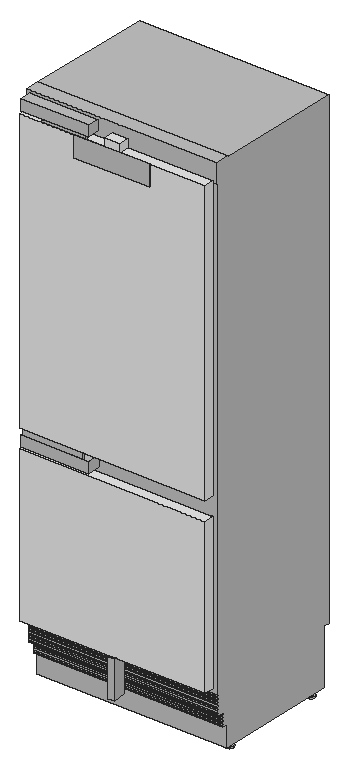
Revit family "FP_Revit_18_RS3084WLUK1_Fridge_90001082A", category Specialty Equipment, Revit 2018 (continued)
Definition of nested family "Handle Professional Round - Vertical"
  Automatic sketch dimensions
    Sweep 5 sketch curve to profile plane = 3 mm  (x2)
    Extrusion 6 sketch curve to plane 3 "Center (Left/Right)" = 0 mm
    Extrusion 6 sketch curve to plane 3 "Center (Left/Right)" = 18.5 mm
    plane 1 "Center (Front/Back)" to Extrusion 6 sketch curve = 41.7 mm
    Extrusion 6 sketch curve to Extrusion 6 sketch curve = 41.7 mm
    Extrusion 7 sketch curve to plane 3 "Center (Left/Right)" = 0 mm
    Extrusion 7 sketch curve to plane 3 "Center (Left/Right)" = 18.5 mm
    plane 1 "Center (Front/Back)" to Extrusion 7 sketch curve = 41.7 mm
    Extrusion 7 sketch curve to Extrusion 7 sketch curve = 41.7 mm
    radius of Extrusion 3 sketch curve = 12.7 mm
Definition of nested family "Handle Professional Round Flush - Vertical"
  Parameters (values of type "AHP3-RD84 - Professional round flush handle (Vertical) 677mm")
    URL = "www.fisherpaykel.com"
    Material - Handle = none
    Manufacturer = "Fisher & Paykel Appliances"
    Handle - Length = 677 mm
  Types (4): name
    (no name)
    AHP3RD2484W - Professional round flush handle (1 of 2) (Vertical) 677mm
    AHP3RD3084W - Professional round flush handle (1 of 2) (Vertical) 677mm
    AHP3-RD84 - Professional round flush handle (Vertical) 677mm
  Reference planes
    plane 1 "Center (Front/Back)": y = 0
    plane 2: z = 0
    plane 3 "Center (Left/Right)": x = 0
    plane 4 "Top": z = 338.5
    plane 5 "Bottom": z = -338.5
    plane 6 "Top Standoff": z = 303.5
    plane 7 "Bottom Standoff": z = -303.5
  Forms (mm)
    Extrusion 1, solid, material <- "Material - Handle", detail levels fine
      sketch origin (0, 0, 0) x (1, 0, 0) y (0, 1, 0)
        loop
          arc (-12.817, -46.665) -> (0, -58.016) -> (12.817, -46.665) r 12.912
          line (12.817, -46.665) -> (18.5, 0) -> (-18.5, 0) -> (-12.817, -46.665)
      from 303.5 to 338.5
    Extrusion 2, solid, material <- "Material - Handle", detail levels fine
      sketch origin (0, 0, 0) x (1, 0, 0) y (0, 1, 0)
        loop
          arc (-12.817, -46.665) -> (0, -58.016) -> (12.817, -46.665) r 12.912
          line (12.817, -46.665) -> (18.5, 0) -> (-18.5, 0) -> (-12.817, -46.665)
      from -338.5 to -303.5
    Extrusion 3, solid, material <- "Material - Handle"
      sketch origin (0, 0, 0) x (1, 0, 0) y (0, 1, 0)
        loop
          circle (0, -45.116) r 12.7
      from -303.5 to 303.5
    Sweep 4, void
      path in 3D
        loop
          line (18.5, 0, 338.5) -> (12.817, -46.665, 338.5)
          arc (12.817, -46.665, 338.5) -> (0, -58.016, 338.5) -> (-12.817, -46.665, 338.5) r 12.912
          line (-12.817, -46.665, 338.5) -> (-18.5, 0, 338.5)
      profile origin (0, -58.016, 338.5) x (0, -1, 0) y (0, 0, 1)
        loop
          line (0, 0) -> (-1.5, 0) -> (0, -1.5) -> (0, 0)
    Sweep 5, void
      path in 3D
        loop
          line (-18.5, 0, -338.5) -> (-12.817, -46.665, -338.5)
          arc (-12.817, -46.665, -338.5) -> (0, -58.016, -338.5) -> (12.817, -46.665, -338.5) r 12.912
          line (12.817, -46.665, -338.5) -> (18.5, 0, -338.5)
      profile origin (0, -58.016, -338.5) x (0, -1, 0) y (0, 0, -1)
        loop
          line (0, 0) -> (-1.5, 0) -> (0, -1.5) -> (0, 0)
    Extrusion 6, solid, material <- "Material - Handle", detail levels coarse+medium
      sketch origin (0, 0, 0) x (1, 0, 0) y (0, 1, 0)
        loop
          arc (-12.817, -46.665) -> (0, -58.016) -> (12.817, -46.665) r 12.912
          line (12.817, -46.665) -> (18.5, 0) -> (-18.5, 0) -> (-12.817, -46.665)
      from 303.5 to 338.5
    Extrusion 7, solid, material <- "Material - Handle", detail levels coarse+medium
      sketch origin (0, 0, 0) x (1, 0, 0) y (0, 1, 0)
        loop
          arc (-12.817, -46.665) -> (0, -58.016) -> (12.817, -46.665) r 12.912
          line (12.817, -46.665) -> (18.5, 0) -> (-18.5, 0) -> (-12.817, -46.665)
      from -338.5 to -303.5
  Cuts and joins
    Sweep 4 cuts Extrusion 1
    Sweep 5 cuts Extrusion 2
  Lines and regions (mm)
    sketch lines
      curve 1: arc (12.817, -46.665, 338.5) -> (0, -58.016, 338.5) -> (-12.817, -46.665, 338.5) r 12.912
      curve 2: line (12.817, -46.665, 338.5) -> (18.5, 0, 338.5)
      curve 3: line (-18.5, 0, 338.5) -> (-12.817, -46.665, 338.5)
      curve 4: arc (-12.817, -46.665, -338.5) -> (0, -58.016, -338.5) -> (12.817, -46.665, -338.5) r 12.912
      curve 5: line (18.5, 0, -338.5) -> (12.817, -46.665, -338.5)
      curve 6: line (-12.817, -46.665, -338.5) -> (-18.5, 0, -338.5)
  Dimensions and locks
    equal spacing: plane 4 "Top", level, plane 5 "Bottom"
    "Handle - Length": plane 4 "Top" to plane 5 "Bottom"
    aligned and locked: level to plane 2
    aligned and locked: plane 4 "Top" to Extrusion 1
    aligned and locked: Extrusion 1 to plane 6 "Top Standoff"
    aligned and locked: Extrusion 2 to plane 5 "Bottom"
    aligned and locked: plane 1 "Center (Front/Back)" to Extrusion 2 sketch curve
    aligned and locked: plane 6 "Top Standoff" to Extrusion 3
    aligned and locked: Extrusion 3 to plane 7 "Bottom Standoff"
  Automatic sketch dimensions
    plane 1 "Center (Front/Back)" to Extrusion 1 sketch curve = 0 mm
    Extrusion 1 sketch curve to plane 3 "Center (Left/Right)" = 0 mm
    Extrusion 1 sketch curve to plane 3 "Center (Left/Right)" = 12.817 mm
    Extrusion 1 sketch curve to plane 3 "Center (Left/Right)" = 18.5 mm
    plane 3 "Center (Left/Right)" to Extrusion 1 sketch curve = 12.817 mm
    plane 3 "Center (Left/Right)" to Extrusion 1 sketch curve = 18.5 mm
    plane 1 "Center (Front/Back)" to Extrusion 1 sketch curve = 45.104 mm
    Extrusion 1 sketch curve to Extrusion 1 sketch curve = 1.561 mm
    Extrusion 2 sketch curve to plane 3 "Center (Left/Right)" = 0 mm
    Extrusion 2 sketch curve to plane 3 "Center (Left/Right)" = 12.817 mm
    Extrusion 2 sketch curve to plane 3 "Center (Left/Right)" = 18.5 mm
    plane 3 "Center (Left/Right)" to Extrusion 2 sketch curve = 12.817 mm
    plane 3 "Center (Left/Right)" to Extrusion 2 sketch curve = 18.5 mm
    plane 1 "Center (Front/Back)" to Extrusion 2 sketch curve = 45.104 mm
    Extrusion 2 sketch curve to Extrusion 2 sketch curve = 1.561 mm
    Extrusion 3 sketch curve to plane 3 "Center (Left/Right)" = 0 mm
    plane 1 "Center (Front/Back)" to Extrusion 3 sketch curve = 45.116 mm
    Sweep 4 sketch curve to profile plane = 0 mm  (x2)
    profile plane to Sweep 4 sketch curve = 1.5 mm
    Sweep 4 sketch curve to profile plane = 1.5 mm
    profile plane to Sweep 5 sketch curve = 0 mm
    Sweep 5 sketch curve to profile plane = 0 mm
    profile plane to Sweep 5 sketch curve = 1.5 mm
    Sweep 5 sketch curve to profile plane = 1.5 mm
    Extrusion 6 sketch curve to plane 3 "Center (Left/Right)" = 0 mm
    Extrusion 6 sketch curve to plane 3 "Center (Left/Right)" = 12.817 mm
    Extrusion 6 sketch curve to plane 3 "Center (Left/Right)" = 18.5 mm
    plane 3 "Center (Left/Right)" to Extrusion 6 sketch curve = 12.817 mm
    plane 3 "Center (Left/Right)" to Extrusion 6 sketch curve = 18.5 mm
    plane 1 "Center (Front/Back)" to Extrusion 6 sketch curve = 46.665 mm
    Extrusion 6 sketch curve to Extrusion 6 sketch curve = 1.561 mm
    Extrusion 6 sketch curve to Extrusion 6 sketch curve = 46.665 mm
    Extrusion 7 sketch curve to plane 3 "Center (Left/Right)" = 0 mm
    Extrusion 7 sketch curve to plane 3 "Center (Left/Right)" = 12.817 mm
    Extrusion 7 sketch curve to plane 3 "Center (Left/Right)" = 18.5 mm
    plane 3 "Center (Left/Right)" to Extrusion 7 sketch curve = 12.817 mm
    plane 3 "Center (Left/Right)" to Extrusion 7 sketch curve = 18.5 mm
    plane 1 "Center (Front/Back)" to Extrusion 7 sketch curve = 46.665 mm
    Extrusion 7 sketch curve to Extrusion 7 sketch curve = 1.561 mm
    Extrusion 7 sketch curve to Extrusion 7 sketch curve = 46.665 mm
    radius of Extrusion 3 sketch curve = 12.7 mm
Definition of nested family "Handle Professional Square - Vertical"
  Parameters (values of type "AHV2RS3272A - Professional square handle (1 of 2) (Vertical) 727mm")
    URL = "www.fisherpaykel.com"
    Material - Handle = none
    Manufacturer = "Fisher & Paykel Appliances"
    Handle - Length = 727 mm
  Types (5, lengths in mm): name | Handle - Length
    (no name) | 727
    AHV2RD2484W - Professional square handle (1 of 2) (Vertical) 727mm | 727
    AHV2RD3084W - Professional square handle (1 of 2) (Vertical) 727mm | 727
    AHV2-RD84 - Professional square handle (Vertical) 792mm | 792
    AHV2RS3272A - Professional square handle (1 of 2) (Vertical) 727mm | 727
  Reference planes
    plane 1 "Center (Front/Back)": y = 0
    plane 2: z = 0
    plane 3 "Center (Left/Right)": x = 0
    plane 4 "Top": z = 363.5
    plane 5 "Bottom": z = -363.5
    plane 6 "Top Standoff": z = 313.5
    plane 7 "Bottom Standoff": z = -313.5
  Forms (mm)
    Extrusion 1, solid, material <- "Material - Handle", detail levels fine
      sketch origin (0, 0, 0) x (0, 1, 0) y (0, 0, 1)
        loop
          line (0, 363.5) -> (-40, 363.5)
          arc (-40, 363.5) -> (-47.071, 360.571) -> (-50, 353.5) r 10
          line (-50, 353.5) -> (-50, 313.5) -> (0, 313.5) -> (0, 363.5)
        loop
          line (0, -363.5) -> (0, -313.5) -> (-50, -313.5) -> (-50, -353.5)
          arc (-50, -353.5) -> (-47.071, -360.571) -> (-40, -363.5) r 10
          line (-40, -363.5) -> (0, -363.5)
      from -17.5 to 17.5
    Sweep 2, void
      path in 3D
        loop
          line (17.5, 0, 363.5) -> (17.5, -40, 363.5)
          arc (17.5, -40, 363.5) -> (17.5, -47.071, 360.571) -> (17.5, -50, 353.5) r 10
          line (17.5, -50, 353.5) -> (17.5, -50, 313.5)
      profile origin (17.5, -20, 363.5) x (1, 0, 0) y (0, 0, 1)
        loop
          line (0, 0) -> (-2.5, 0) -> (0, -2.5) -> (0, 0)
    Sweep 3, void
      path in 3D
        loop
          line (-17.5, -50, 313.5) -> (-17.5, -50, 353.5)
          arc (-17.5, -50, 353.5) -> (-17.5, -47.071, 360.571) -> (-17.5, -40, 363.5) r 10
          line (-17.5, -40, 363.5) -> (-17.5, 0, 363.5)
      profile origin (-17.5, -20, 363.5) x (-1, 0, 0) y (0, 0, 1)
        loop
          line (0, 0) -> (-2.5, 0) -> (0, -2.5) -> (0, 0)
    Sweep 4, void
      path in 3D
        loop
          line (17.5, -50, -313.5) -> (17.5, -50, -353.5)
          arc (17.5, -50, -353.5) -> (17.5, -47.071, -360.571) -> (17.5, -40, -363.5) r 10
          line (17.5, -40, -363.5) -> (17.5, 0, -363.5)
      profile origin (17.5, -20, -363.5) x (1, 0, 0) y (0, 0, -1)
        loop
          line (0, 0) -> (-2.5, 0) -> (0, -2.5) -> (0, 0)
    Sweep 5, void
      path in 3D
        loop
          line (-17.5, 0, -363.5) -> (-17.5, -40, -363.5)
          arc (-17.5, -40, -363.5) -> (-17.5, -47.071, -360.571) -> (-17.5, -50, -353.5) r 10
          line (-17.5, -50, -353.5) -> (-17.5, -50, -313.5)
      profile origin (-17.5, -20, -363.5) x (-1, 0, 0) y (0, 0, -1)
        loop
          line (0, 0) -> (-2.5, 0) -> (0, -2.5) -> (0, 0)
    Extrusion 6, solid, material <- "Material - Handle", detail levels fine
      sketch origin (0, 0, 0) x (1, 0, 0) y (0, 1, 0)
        loop
          line (-15.5, -36.737) -> (-15.5, -46.422) -> (-14.172, -47.75) -> (14.172, -47.75) -> (15.5, -46.422) -> (15.5, -36.737)
          arc (15.5, -36.737) -> (0, -32.25) -> (-15.5, -36.737) r 29.013
      from -313.5 to 313.5
    Extrusion 7, solid, material <- "Material - Handle", detail levels coarse+medium
      sketch origin (0, 0, 0) x (0, 1, 0) y (0, 0, 1)
        loop
          line (0, 363.5) -> (-40, 363.5)
          arc (-40, 363.5) -> (-47.071, 360.571) -> (-50, 353.5) r 10
          line (-50, 353.5) -> (-50, -353.5)
          arc (-50, -353.5) -> (-47.071, -360.571) -> (-40, -363.5) r 10
          line (-40, -363.5) -> (0, -363.5) -> (0, -313.5) -> (-31.95, -313.5) -> (-31.95, 313.5) -> (0, 313.5) -> (0, 363.5)
      from -17.5 to 17.5
  Cuts and joins
    Sweep 2, Sweep 3, Sweep 4, Sweep 5 cuts Extrusion 1
  Lines and regions (mm)
    sketch lines
      curve 1: line (17.5, 0, 363.5) -> (17.5, -40, 363.5)
      curve 2: arc (17.5, -50, 353.5) -> (17.5, -47.071, 360.571) -> (17.5, -40, 363.5) r 10
      curve 3: line (17.5, -50, 353.5) -> (17.5, -50, 313.5)
      curve 4: line (-17.5, -40, 363.5) -> (-17.5, 0, 363.5)
      curve 5: arc (-17.5, -40, 363.5) -> (-17.5, -47.071, 360.571) -> (-17.5, -50, 353.5) r 10
      curve 6: line (-17.5, -50, 313.5) -> (-17.5, -50, 353.5)
      curve 7: line (17.5, -40, -363.5) -> (17.5, 0, -363.5)
      curve 8: arc (17.5, -40, -363.5) -> (17.5, -47.071, -360.571) -> (17.5, -50, -353.5) r 10
      curve 9: line (17.5, -50, -313.5) -> (17.5, -50, -353.5)
      curve 10: line (-17.5, 0, -363.5) -> (-17.5, -40, -363.5)
      curve 11: arc (-17.5, -50, -353.5) -> (-17.5, -47.071, -360.571) -> (-17.5, -40, -363.5) r 10
      curve 12: line (-17.5, -50, -353.5) -> (-17.5, -50, -313.5)
  Dimensions and locks
    equal spacing: plane 4 "Top", level, plane 5 "Bottom"
    "Handle - Length": plane 4 "Top" to plane 5 "Bottom"
    plane 7 "Bottom Standoff" to plane 5 "Bottom" = 50 mm
    plane 4 "Top" to plane 6 "Top Standoff" = 50 mm
    aligned and locked: level to plane 2
    aligned and locked: plane 4 "Top" to Extrusion 1 sketch curve
    aligned and locked: plane 5 "Bottom" to Extrusion 1 sketch curve
    aligned and locked: Extrusion 1 sketch curve to plane 1 "Center (Front/Back)"
    aligned and locked: plane 1 "Center (Front/Back)" to Extrusion 1 sketch curve
    aligned and locked: plane 6 "Top Standoff" to Extrusion 1 sketch curve
    aligned and locked: plane 7 "Bottom Standoff" to Extrusion 1 sketch curve
    aligned and locked: plane 6 "Top Standoff" to Extrusion 6
    aligned and locked: Extrusion 6 to plane 7 "Bottom Standoff"
    aligned and locked: plane 4 "Top" to Extrusion 7 sketch curve
    aligned and locked: plane 6 "Top Standoff" to Extrusion 7 sketch curve
    aligned and locked: plane 1 "Center (Front/Back)" to Extrusion 7 sketch curve
    aligned and locked: plane 7 "Bottom Standoff" to Extrusion 7 sketch curve
    aligned and locked: plane 5 "Bottom" to Extrusion 7 sketch curve
    aligned and locked: Extrusion 7 sketch curve to plane 1 "Center (Front/Back)"
  Automatic sketch dimensions
    Sweep 2 sketch curve to profile plane = 0 mm
    profile plane to Sweep 2 sketch curve = 0 mm
    profile plane to Sweep 2 sketch curve = 2.5 mm
    Sweep 2 sketch curve to profile plane = 2.5 mm
    Sweep 3 sketch curve to profile plane = 0 mm  (x2)
    profile plane to Sweep 3 sketch curve = 2.5 mm
    Sweep 3 sketch curve to profile plane = 2.5 mm
    Sweep 4 sketch curve to profile plane = 0 mm
    profile plane to Sweep 4 sketch curve = 0 mm
    profile plane to Sweep 4 sketch curve = 2.5 mm
    Sweep 4 sketch curve to profile plane = 2.5 mm
    Sweep 5 sketch curve to profile plane = 0 mm  (x2)
    profile plane to Sweep 5 sketch curve = 2.5 mm
    Sweep 5 sketch curve to profile plane = 2.5 mm
    plane 1 "Center (Front/Back)" to Extrusion 1 sketch curve = 40 mm  (x2)
    Extrusion 1 sketch curve to Extrusion 1 sketch curve = 10 mm  (x2)
    Extrusion 6 sketch curve to plane 3 "Center (Left/Right)" = 0 mm
    Extrusion 6 sketch curve to Extrusion 6 sketch curve = 1.328 mm  (x4)
    plane 1 "Center (Front/Back)" to Extrusion 6 sketch curve = 61.263 mm
    Extrusion 6 sketch curve to Extrusion 6 sketch curve = 13.513 mm
    Extrusion 6 sketch curve to Extrusion 6 sketch curve = 9.684 mm  (x2)
    Extrusion 6 sketch curve to plane 3 "Center (Left/Right)" = 14.172 mm
    plane 1 "Center (Front/Back)" to Extrusion 7 sketch curve = 31.95 mm
    plane 1 "Center (Front/Back)" to Extrusion 7 sketch curve = 40 mm  (x2)
    Extrusion 7 sketch curve to plane 4 "Top" = 10 mm
Definition of nested family "Handle Contemporary Round - Horizontal"
  Parameters (values of type "AHSRS80A - Contemporary round handle (2 of 2) (Horizontal) 646mm")
    URL = "www.fisherpaykel.com"
    Product - Width = 646 mm
    Material - Handle = none
    Manufacturer = "Fisher & Paykel Appliances"
  Types (5, lengths in mm): name | Product - Width
    (no name) | 646
    AHSRD2484W - Contemporary round handle (2 of 2) (Horizontal) 494mm | 494
    AHSRD3084W - Contemporary round handle (2 of 2) (Horizontal) 646mm | 646
    AHSRS3272A - Contemporary round handle (2 of 2) (Horizontal) 646mm | 646
    AHSRS80A - Contemporary round handle (2 of 2) (Horizontal) 646mm | 646
  Reference planes
    plane 1 "Center (Front/Back)": y = 0
    plane 2: z = 0
    plane 3 "Center (Left/Right)": x = 0
    plane 4 "Product LHS": x = -323
    plane 5 "Product RHS": x = 323
    plane 6 "LHS Standoff": x = -202.995
    plane 7 "RHS Standoff": x = 203.005
  Forms (mm)
    Extrusion 1, solid, material <- "Material - Handle"
      sketch origin (0, 0, 0) x (0, 1, 0) y (0, 0, 1)
        loop
          circle (-32.3, 0) r 8.7
      from -202.995 to 203.005
    Extrusion 2, solid, material <- "Material - Handle", detail levels fine
      sketch origin (0, 0, 0) x (0, 1, 0) y (0, 0, 1)
        loop
          line (0, 8.7) -> (-32.3, 8.7)
          arc (-32.3, 8.7) -> (-41, 0) -> (-32.3, -8.7) r 8.7
          line (-32.3, -8.7) -> (0, -8.7) -> (0, 8.7)
      from 203.005 to 323
    Extrusion 3, solid, material <- "Material - Handle", detail levels fine
      sketch origin (0, 0, 0) x (0, 1, 0) y (0, 0, -1)
        loop
          line (0, -8.7) -> (0, 8.7) -> (-32.3, 8.7)
          arc (-32.3, 8.7) -> (-41, 0) -> (-32.3, -8.7) r 8.7
          line (-32.3, -8.7) -> (0, -8.7)
      from 202.995 to 323
    Sweep 4, void
      path in 3D
        loop
          line (323, 0, 8.7) -> (323, -32.3, 8.7)
          arc (323, -32.3, 8.7) -> (323, -41, 0) -> (323, -32.3, -8.7) r 8.7
          line (323, -32.3, -8.7) -> (323, 0, -8.7)
      profile origin (323, -16.15, 8.7) x (1, 0, 0) y (0, 0, 1)
        loop
          line (0, 0) -> (-1, 0) -> (0, -1) -> (0, 0)
    Sweep 5, void
      path in 3D
        loop
          line (-323, 0, -8.7) -> (-323, -32.3, -8.7)
          arc (-323, -32.3, -8.7) -> (-323, -41, 0) -> (-323, -32.3, 8.7) r 8.7
          line (-323, -32.3, 8.7) -> (-323, 0, 8.7)
      profile origin (-323, -16.15, 8.7) x (-1, 0, 0) y (0, 0, 1)
        loop
          line (0, 0) -> (-1, 0) -> (0, -1) -> (0, 0)
    Extrusion 6, solid, material <- "Material - Handle", detail levels coarse+medium
      sketch origin (0, 0, 0) x (0, 1, 0) y (0, 0, 1)
        loop
          line (0, 8.7) -> (-32.3, 8.7)
          arc (-32.3, 8.7) -> (-41, 0) -> (-32.3, -8.7) r 8.7
          line (-32.3, -8.7) -> (0, -8.7) -> (0, 8.7)
      from 203.005 to 323
    Extrusion 7, solid, material <- "Material - Handle", detail levels coarse+medium
      sketch origin (0, 0, 0) x (0, 1, 0) y (0, 0, -1)
        loop
          line (0, -8.7) -> (0, 8.7) -> (-32.3, 8.7)
          arc (-32.3, 8.7) -> (-41, 0) -> (-32.3, -8.7) r 8.7
          line (-32.3, -8.7) -> (0, -8.7)
      from 202.995 to 323
  Cuts and joins
    Sweep 4 cuts Extrusion 2
    Sweep 5 cuts Extrusion 3
  Lines and regions (mm)
    sketch lines
      curve 1: line (323, 0, 8.7) -> (323, -32.3, 8.7)
      curve 2: arc (323, -32.3, -8.7) -> (323, -41, 0) -> (323, -32.3, 8.7) r 8.7
      curve 3: line (323, -32.3, -8.7) -> (323, 0, -8.7)
      curve 4: line (-323, -32.3, 8.7) -> (-323, 0, 8.7)
      curve 5: arc (-323, -32.3, 8.7) -> (-323, -41, 0) -> (-323, -32.3, -8.7) r 8.7
      curve 6: line (-323, 0, -8.7) -> (-323, -32.3, -8.7)
  Dimensions and locks
    equal spacing: plane 4 "Product LHS", plane 3 "Center (Left/Right)", plane 5 "Product RHS"
    "Product - Width": plane 4 "Product LHS" to plane 5 "Product RHS"
    locked: plane 4 "Product LHS" to plane 6 "LHS Standoff" at 120.005
    locked: plane 7 "RHS Standoff" to plane 5 "Product RHS" at 119.995
    equal spacing: Extrusion 2 sketch curve, level, Extrusion 2 sketch curve
    Extrusion 3 sketch curve to Extrusion 3 sketch curve = 17.4 mm
    Extrusion 6 sketch curve to Extrusion 6 sketch curve = 17.4 mm
    Extrusion 7 sketch curve to Extrusion 7 sketch curve = 17.4 mm
    aligned and locked: level to plane 2
    aligned and locked: plane 7 "RHS Standoff" to Extrusion 1
    aligned and locked: Extrusion 2 to Extrusion 1
    aligned and locked: Extrusion 2 to plane 5 "Product RHS"
    aligned and locked: plane 4 "Product LHS" to Extrusion 3
    aligned and locked: plane 6 "LHS Standoff" to Extrusion 3
    aligned and locked: Extrusion 1 to plane 6 "LHS Standoff"
    aligned and locked: Extrusion 6 to Extrusion 1
    aligned and locked: Extrusion 6 to plane 5 "Product RHS"
    aligned and locked: plane 4 "Product LHS" to Extrusion 7
    aligned and locked: Extrusion 7 to Extrusion 1
  Automatic sketch dimensions
    Extrusion 1 sketch curve to level = 0 mm
    plane 1 "Center (Front/Back)" to Extrusion 1 sketch curve = 32.3 mm
    Extrusion 2 sketch curve to plane 1 "Center (Front/Back)" = 0 mm
    Extrusion 2 sketch curve to level = 8.7 mm
    plane 1 "Center (Front/Back)" to Extrusion 2 sketch curve = 32.3 mm
    Extrusion 3 sketch curve to level = 0 mm
    Extrusion 3 sketch curve to plane 1 "Center (Front/Back)" = 0 mm
    Extrusion 3 sketch curve to level = 8.7 mm
    plane 1 "Center (Front/Back)" to Extrusion 3 sketch curve = 32.3 mm
    Sweep 4 sketch curve to profile plane = 0 mm
    profile plane to Sweep 4 sketch curve = 0 mm
    profile plane to Sweep 4 sketch curve = 1 mm
    Sweep 4 sketch curve to profile plane = 1 mm
    Sweep 5 sketch curve to profile plane = 0 mm  (x2)
    profile plane to Sweep 5 sketch curve = 1 mm
    Sweep 5 sketch curve to profile plane = 1 mm
    Extrusion 6 sketch curve to level = 0 mm
    level to Extrusion 6 sketch curve = 8.7 mm
    plane 1 "Center (Front/Back)" to Extrusion 6 sketch curve = 32.3 mm
    Extrusion 6 sketch curve to Extrusion 6 sketch curve = 32.3 mm
    Extrusion 7 sketch curve to level = 0 mm
    level to Extrusion 7 sketch curve = 8.7 mm
    plane 1 "Center (Front/Back)" to Extrusion 7 sketch curve = 32.3 mm
    Extrusion 7 sketch curve to Extrusion 7 sketch curve = 32.3 mm
    radius of Extrusion 1 sketch curve = 8.7 mm
Definition of nested family "Handle Contemporary Square - Horizontal"
  Parameters (values of type "AHD3RD3084W - Contemporary square handle (2 of 2) (Horizontal) 646mm")
    URL = "www.fisherpaykel.com"
    Material - Handle = none
    Manufacturer = "Fisher & Paykel Appliances"
    Handle - Length = 646 mm
  Types (5, lengths in mm): name | Handle - Length
    (no name) | 646
    AHD3RD2484W - Contemporary square handle (2 of 2) (Horizontal) 494mm | 494
    AHD3RD3084W - Contemporary square handle (2 of 2) (Horizontal) 646mm | 646
    AHD3RS3272A - Contemporary square handle (2 of 2) (Horizontal) 646mm | 646
    AHD3RS80A - Contemporary square handle (2 of 2) (Horizontal) 646mm | 646
  Reference planes
    plane 1 "Center (Front/Back)": y = 0
    plane 2: z = 0
    plane 3 "Center (Left/Right)": x = 0
    plane 4 "Product LHS": x = -323
    plane 5 "Product RHS": x = 323
    plane 6 "LHS Standoff": x = -202.995
    plane 7 "RHS Standoff": x = 203.005
  Forms (mm)
    Extrusion 1, solid, material <- "Material - Handle", detail levels fine
      sketch origin (0, 0, 0) x (0, 1, 0) y (0, 0, 1)
        loop
          arc (-28.701, 7.561) -> (-29.057, 7.868) -> (-29.514, 7.978) r 1
          line (-29.514, 7.978) -> (-40.5, 7.978)
          arc (-40.5, 7.978) -> (-41.561, 7.539) -> (-42, 6.478) r 1.5
          line (-42, 6.478) -> (-42, -6.522)
          arc (-42, -6.522) -> (-41.561, -7.583) -> (-40.5, -8.022) r 1.5
          line (-40.5, -8.022) -> (-29.487, -8.022)
          arc (-29.487, -8.022) -> (-29.029, -7.911) -> (-28.673, -7.602) r 1
          arc (-28.673, -7.602) -> (-26.256, -0.016) -> (-28.701, 7.561) r 13.038
      from -323 to 323
    Extrusion 2, solid, material <- "Material - Handle", detail levels fine
      sketch origin (0, 0, 0) x (0, 1, 0) y (0, 0, 1)
        loop
          arc (-28.23, 7.062) -> (-26.156, 0.008) -> (-28.198, -7.056) r 13.136
          arc (-28.198, -7.056) -> (-28.21, -7.463) -> (-27.86, -7.67) r 0.4
          line (-27.86, -7.67) -> (0, -7.67) -> (0, 7.678) -> (-27.893, 7.678)
          arc (-27.893, 7.678) -> (-28.244, 7.47) -> (-28.23, 7.062) r 0.4
      from 203.005 to 323
    Extrusion 3, solid, material <- "Material - Handle", detail levels fine
      sketch origin (0, 0, 0) x (0, 1, 0) y (0, 0, -1)
        loop
          arc (-28.23, -7.062) -> (-28.244, -7.47) -> (-27.893, -7.678) r 0.4
          line (-27.893, -7.678) -> (0, -7.678) -> (0, 7.67) -> (-27.86, 7.67)
          arc (-27.86, 7.67) -> (-28.21, 7.463) -> (-28.198, 7.056) r 0.4
          arc (-28.198, 7.056) -> (-26.156, -0.008) -> (-28.23, -7.062) r 13.136
      from 202.995 to 323
    Sweep 4, void
      path in 3D
        loop
          line (323, -29.514, 7.978) -> (323, -40.5, 7.978)
          arc (323, -40.5, 7.978) -> (323, -41.561, 7.539) -> (323, -42, 6.478) r 1.5
          line (323, -42, 6.478) -> (323, -42, -6.522)
          arc (323, -42, -6.522) -> (323, -41.561, -7.583) -> (323, -40.5, -8.022) r 1.5
          line (323, -40.5, -8.022) -> (323, -29.487, -8.022)
      profile origin (323, -35.007, 7.978) x (1, 0, 0) y (0, 0, 1)
        loop
          line (0, 0) -> (-1.3, 0) -> (0, -1.3) -> (0, 0)
    Sweep 5, void
      path in 3D
        loop
          line (-323, -29.487, -8.022) -> (-323, -40.5, -8.022)
          arc (-323, -40.5, -8.022) -> (-323, -41.561, -7.583) -> (-323, -42, -6.522) r 1.5
          line (-323, -42, -6.522) -> (-323, -42, 6.478)
          arc (-323, -42, 6.478) -> (-323, -41.561, 7.539) -> (-323, -40.5, 7.978) r 1.5
          line (-323, -40.5, 7.978) -> (-323, -29.514, 7.978)
      profile origin (-323, -35.007, 7.978) x (-1, 0, 0) y (0, 0, 1)
        loop
          line (0, 0) -> (-1.3, 0) -> (0, -1.3) -> (0, 0)
    Extrusion 6, void
      sketch origin (0, 0, 0) x (1, 0, 0) y (0, 0, 1)
        loop
          line (323, 7.978) -> (321.7, 7.978) -> (323, 6.678) -> (323, 7.978)
        loop
          line (323, -8.022) -> (323, -6.722) -> (321.7, -8.022) -> (323, -8.022)
      from 0 to 40
    Extrusion 7, void
      sketch origin (0, 0, 0) x (1, 0, 0) y (0, 0, 1)
        loop
          line (-323, 7.978) -> (-323, 6.678) -> (-321.7, 7.978) -> (-323, 7.978)
        loop
          line (-323, -8.022) -> (-321.7, -8.022) -> (-323, -6.722) -> (-323, -8.022)
      from 0 to 40
    Extrusion 8, solid, material <- "Material - Handle", detail levels coarse+medium
      sketch origin (0, 0, 0) x (1, 0, 0) y (0, 1, 0)
        loop
          line (-323, -42) -> (323, -42) -> (323, 0) -> (203.005, 0) -> (203.005, -26.156) -> (-202.995, -26.156) -> (-202.995, 0) -> (-323, 0) -> (-323, -42)
      from -8.022 to 7.978
  Cuts and joins
    Sweep 4, Sweep 5, Extrusion 6, Extrusion 7 cuts Extrusion 1
    Extrusion 6 cuts Extrusion 2
    Extrusion 7 cuts Extrusion 3
  Lines and regions (mm)
    sketch lines
      curve 1: line (323, -29.514, 7.978) -> (323, -40.5, 7.978)
      curve 2: arc (323, -42, 6.478) -> (323, -41.561, 7.539) -> (323, -40.5, 7.978) r 1.5
      curve 3: line (323, -42, 6.478) -> (323, -42, -6.522)
      curve 4: arc (323, -40.5, -8.022) -> (323, -41.561, -7.583) -> (323, -42, -6.522) r 1.5
      curve 5: line (323, -40.5, -8.022) -> (323, -29.487, -8.022)
      curve 6: line (-323, -40.5, 7.978) -> (-323, -29.514, 7.978)
      curve 7: arc (-323, -40.5, 7.978) -> (-323, -41.561, 7.539) -> (-323, -42, 6.478) r 1.5
      curve 8: line (-323, -42, -6.522) -> (-323, -42, 6.478)
      curve 9: arc (-323, -42, -6.522) -> (-323, -41.561, -7.583) -> (-323, -40.5, -8.022) r 1.5
      curve 10: line (-323, -29.487, -8.022) -> (-323, -40.5, -8.022)
  Dimensions and locks
    equal spacing: plane 4 "Product LHS", plane 3 "Center (Left/Right)", plane 5 "Product RHS"
    "Handle - Length": plane 4 "Product LHS" to plane 5 "Product RHS"
    locked: plane 4 "Product LHS" to plane 6 "LHS Standoff" at 120.005
    locked: plane 7 "RHS Standoff" to plane 5 "Product RHS" at 119.995
    aligned and locked: level to plane 2
    aligned and locked: Extrusion 1 to plane 5 "Product RHS"
    aligned and locked: plane 4 "Product LHS" to Extrusion 1
    aligned and locked: Extrusion 2 to plane 5 "Product RHS"
    aligned and locked: plane 4 "Product LHS" to Extrusion 3
    aligned and locked: plane 4 "Product LHS" to Extrusion 8 sketch curve
    aligned and locked: Extrusion 8 sketch curve to plane 5 "Product RHS"
    aligned and locked: Extrusion 8 sketch curve to plane 7 "RHS Standoff"
    aligned and locked: plane 6 "LHS Standoff" to Extrusion 8 sketch curve
    aligned and locked: Extrusion 2 to plane 7 "RHS Standoff"
    aligned and locked: plane 6 "LHS Standoff" to Extrusion 3
  Automatic sketch dimensions
    Extrusion 1 sketch curve to level = 6.522 mm
    plane 1 "Center (Front/Back)" to Extrusion 1 sketch curve = 42 mm
    Extrusion 1 sketch curve to Extrusion 1 sketch curve = 1.5 mm  (x2)
    Extrusion 1 sketch curve to level = 0.04 mm
    Extrusion 1 sketch curve to Extrusion 1 sketch curve = 1.206 mm
    level to Extrusion 1 sketch curve = 6.978 mm
    Extrusion 1 sketch curve to Extrusion 1 sketch curve = 10.986 mm
    Extrusion 1 sketch curve to Extrusion 1 sketch curve = 11.013 mm
    Extrusion 1 sketch curve to Extrusion 1 sketch curve = 1 mm
    level to Extrusion 1 sketch curve = 6.478 mm
    Extrusion 1 sketch curve to Extrusion 1 sketch curve = 0 mm
    Extrusion 2 sketch curve to plane 1 "Center (Front/Back)" = 0 mm
    Extrusion 2 sketch curve to level = 7.67 mm
    Extrusion 2 sketch curve to Extrusion 2 sketch curve = 27.86 mm
    level to Extrusion 2 sketch curve = 7.678 mm
    Extrusion 2 sketch curve to Extrusion 2 sketch curve = 0.033 mm
    Extrusion 2 sketch curve to level = 0.022 mm
    Extrusion 2 sketch curve to Extrusion 2 sketch curve = 11.398 mm
    Extrusion 2 sketch curve to Extrusion 2 sketch curve = 0.4 mm  (x2)
    Extrusion 2 sketch curve to Extrusion 2 sketch curve = 0 mm
    Extrusion 3 sketch curve to plane 1 "Center (Front/Back)" = 0 mm
    Extrusion 3 sketch curve to level = 7.67 mm
    Extrusion 3 sketch curve to Extrusion 3 sketch curve = 27.86 mm
    level to Extrusion 3 sketch curve = 7.678 mm
    Extrusion 3 sketch curve to Extrusion 3 sketch curve = 0.033 mm
    Extrusion 3 sketch curve to level = 0.022 mm
    Extrusion 3 sketch curve to Extrusion 3 sketch curve = 11.398 mm
    Extrusion 3 sketch curve to Extrusion 3 sketch curve = 0.4 mm  (x2)
    Extrusion 3 sketch curve to Extrusion 3 sketch curve = 0 mm
    profile plane to Sweep 4 sketch curve = 0 mm
    Sweep 4 sketch curve to profile plane = 0 mm
    Sweep 4 sketch curve to profile plane = 1.3 mm
    profile plane to Sweep 4 sketch curve = 1.3 mm
    Sweep 5 sketch curve to profile plane = 0 mm  (x2)
    profile plane to Sweep 5 sketch curve = 1.3 mm
    Sweep 5 sketch curve to profile plane = 1.3 mm
    plane 5 "Product RHS" to Extrusion 6 sketch curve = 0 mm  (x2)
    Extrusion 6 sketch curve to Extrusion 6 sketch curve = 1.3 mm  (x4)
    Extrusion 6 sketch curve to level = 6.722 mm
    level to Extrusion 6 sketch curve = 6.678 mm
    plane 4 "Product LHS" to Extrusion 7 sketch curve = 0 mm  (x2)
    Extrusion 7 sketch curve to plane 4 "Product LHS" = 1.3 mm  (x2)
    Extrusion 7 sketch curve to level = 8.022 mm
    level to Extrusion 7 sketch curve = 6.678 mm
    Extrusion 7 sketch curve to Extrusion 7 sketch curve = 1.3 mm  (x2)
    plane 1 "Center (Front/Back)" to Extrusion 8 sketch curve = 0 mm  (x2)
    Extrusion 8 sketch curve to Extrusion 8 sketch curve = 26.156 mm
    Extrusion 8 sketch curve to Extrusion 8 sketch curve = 42 mm
Definition of nested family "F&P Handle Kit - Contemporary Square Fine - Horizontal"
  Parameters (values of type "AHD5RD2484W - Contemporary square fine handle (2 of 2) (Horizontal) 494mm")
    URL = "www.fisherpaykel.com"
    Material - Handle = none
    Manufacturer = "Fisher & Paykel Appliances"
    Handle - Length = 494 mm
  Types (15, lengths in mm): name | Handle - Length
    (no name) | 494
    AHD5RD2484W - Contemporary square fine handle (2 of 2) (Horizontal) 494mm | 494
    AHD5RD2484WB - Contemporary square fine black handle (2 of 2) (Horizontal) 494mm | 494
    AHD5RD3084W - Contemporary square fine handle (2 of 2) (Horizontal) 646mm | 646
    AHD5RD3084WB - Contemporary square fine black handle (2 of 2) (Horizontal) 646mm | 646
    AHD5RD7621W - Contemporary square fine handle (2 of 2) (Horizontal) 646mm | 646
    AHD5RD7621WB - Contemporary square fine handle black (2 of 2) (Horizontal) 646mm | 646
    AHD5RD6121W - Contemporary square fine handle (2 of 2) (Horizontal) 494mm | 494
    AHD5RD6121WB - Contemporary square fine handle black (2 of 2) (Horizontal) 494mm | 494
    AHD5RD36A - Contemporary square fine handle (2 of 2) (Horizontal) 746mm | 746
    AHD5RD36AB - Contemporary square fine black handle (2 of 2) (Horizontal) 746mm | 746
    AHD5RD90A - Contemporary square fine handle (2 of 2) (Horizontal) 746mm | 746
    AHD5RD80A - Contemporary square fine handle (2 of 2) (Horizontal) 646mm | 646
    AHD5RD80AB - Contemporary square fine black handle (2 of 2) (Horizontal) 646mm | 646
    AHD5RD90AB - Contemporary square fine black handle (2 of 2) (Horizontal) 746mm | 746
  Reference planes
    plane 1 "Center (Front/Back)": y = 0
    plane 2: z = 0
    plane 3 "Center (Left/Right)": x = 0
    plane 4 "Product LHS": x = -247
    plane 5 "Product RHS": x = 247
    plane 6 "LHS Standoff": x = -126.995
    plane 7 "RHS Standoff": x = 127.005
  Forms (mm)
    Extrusion 1, solid, material <- "Material - Handle", detail levels fine
      sketch origin (0, 0, 0) x (0, 1, 0) y (0, 0, 1)
        loop
          arc (-26.813, 6.16) -> (-27.196, 6.554) -> (-27.728, 6.686) r 1
          line (-27.728, 6.686) -> (-40.035, 6.256)
          arc (-40.035, 6.256) -> (-40.719, 5.951) -> (-41, 5.257) r 1
          line (-41, 5.257) -> (-41, -5.257)
          arc (-41, -5.257) -> (-40.719, -5.951) -> (-40.035, -6.256) r 1
          line (-40.035, -6.256) -> (-27.709, -6.686)
          arc (-27.709, -6.686) -> (-27.175, -6.554) -> (-26.792, -6.158) r 1
          arc (-26.792, -6.158) -> (-25.256, 0.004) -> (-26.813, 6.16) r 13.038
      from -247 to 247
    Extrusion 2, solid, material <- "Material - Handle", detail levels fine
      sketch origin (0, 0, 0) x (0, 1, 0) y (0, 0, 1)
        loop
          arc (-26.626, -6.008) -> (-26.614, -6.49) -> (-26.2, -6.737) r 0.5
          line (-26.2, -6.737) -> (0, -7.696) -> (0, 7.704) -> (-26.174, 6.747)
          arc (-26.174, 6.747) -> (-26.587, 6.5) -> (-26.6, 6.019) r 0.5
          arc (-26.6, 6.019) -> (-25.156, 0.002) -> (-26.626, -6.008) r 13.136
      from 127.005 to 247
    Extrusion 3, solid, material <- "Material - Handle", detail levels coarse+medium
      sketch origin (0, 0, 0) x (1, 0, 0) y (0, 1, 0)
        loop
          line (-247, -42) -> (247, -42) -> (247, 0) -> (127.005, 0) -> (127.005, -26.156) -> (-126.995, -26.156) -> (-126.995, 0) -> (-247, 0) -> (-247, -42)
      from -8.022 to 7.978
    Extrusion 4, solid, material <- "Material - Handle", detail levels fine
      sketch origin (0, 0, 0) x (0, 1, 0) y (0, 0, 1)
        loop
          arc (-26.626, -6.008) -> (-26.614, -6.49) -> (-26.2, -6.737) r 0.5
          line (-26.2, -6.737) -> (0, -7.696) -> (0, 7.704) -> (-26.174, 6.747)
          arc (-26.174, 6.747) -> (-26.587, 6.5) -> (-26.6, 6.019) r 0.5
          arc (-26.6, 6.019) -> (-25.156, 0.002) -> (-26.626, -6.008) r 13.136
      from -247 to -126.995
  Dimensions and locks
    equal spacing: plane 4 "Product LHS", plane 3 "Center (Left/Right)", plane 5 "Product RHS"
    "Handle - Length": plane 4 "Product LHS" to plane 5 "Product RHS"
    locked: plane 4 "Product LHS" to plane 6 "LHS Standoff" at 120.005
    locked: plane 7 "RHS Standoff" to plane 5 "Product RHS" at 119.995
    aligned and locked: level to plane 2
    aligned and locked: Extrusion 1 to plane 5 "Product RHS"
    aligned and locked: plane 4 "Product LHS" to Extrusion 1
    aligned and locked: Extrusion 2 to plane 5 "Product RHS"
    aligned and locked: plane 4 "Product LHS" to Extrusion 3 sketch curve
    aligned and locked: Extrusion 3 sketch curve to plane 5 "Product RHS"
    aligned and locked: Extrusion 3 sketch curve to plane 7 "RHS Standoff"
    aligned and locked: plane 6 "LHS Standoff" to Extrusion 3 sketch curve
    aligned and locked: plane 4 "Product LHS" to Extrusion 4
    aligned and locked: plane 6 "LHS Standoff" to Extrusion 4
    aligned and locked: Extrusion 2 to plane 7 "RHS Standoff"
  Automatic sketch dimensions
    Extrusion 1 sketch curve to level = 5.257 mm
    plane 1 "Center (Front/Back)" to Extrusion 1 sketch curve = 41 mm
    level to Extrusion 1 sketch curve = 6.256 mm
    Extrusion 1 sketch curve to Extrusion 1 sketch curve = 0.965 mm  (x2)
    Extrusion 1 sketch curve to level = 6.256 mm
    Extrusion 1 sketch curve to Extrusion 1 sketch curve = 0.035 mm  (x3)
    Extrusion 1 sketch curve to level = 0.018 mm
    Extrusion 1 sketch curve to Extrusion 1 sketch curve = 1.706 mm
    level to Extrusion 1 sketch curve = 6.686 mm
    Extrusion 1 sketch curve to Extrusion 1 sketch curve = 12.307 mm
    Extrusion 1 sketch curve to level = 6.686 mm
    Extrusion 1 sketch curve to Extrusion 1 sketch curve = 12.326 mm
    Extrusion 1 sketch curve to Extrusion 1 sketch curve = 0.999 mm  (x2)
    Extrusion 1 sketch curve to Extrusion 1 sketch curve = 0 mm
    Extrusion 2 sketch curve to plane 1 "Center (Front/Back)" = 0 mm
    level to Extrusion 2 sketch curve = 6.247 mm
    plane 1 "Center (Front/Back)" to Extrusion 2 sketch curve = 26.155 mm
    level to Extrusion 2 sketch curve = 6.747 mm
    Extrusion 2 sketch curve to Extrusion 2 sketch curve = 0.018 mm  (x2)
    Extrusion 2 sketch curve to level = 6.238 mm
    Extrusion 2 sketch curve to Extrusion 2 sketch curve = 0.026 mm
    Extrusion 2 sketch curve to level = 6.737 mm
    level to Extrusion 2 sketch curve = 0.03 mm
    Extrusion 2 sketch curve to Extrusion 2 sketch curve = 12.11 mm
    Extrusion 2 sketch curve to level = 7.696 mm
    level to Extrusion 2 sketch curve = 7.704 mm
    Extrusion 2 sketch curve to Extrusion 2 sketch curve = 0 mm
    plane 1 "Center (Front/Back)" to Extrusion 3 sketch curve = 42 mm
    Extrusion 3 sketch curve to Extrusion 3 sketch curve = 15.844 mm
    Extrusion 3 sketch curve to Extrusion 3 sketch curve = 26.156 mm  (x2)
    level to Extrusion 4 sketch curve = 0.03 mm
    plane 1 "Center (Front/Back)" to Extrusion 4 sketch curve = 38.291 mm
    Extrusion 4 sketch curve to level = 6.737 mm
    Extrusion 4 sketch curve to Extrusion 4 sketch curve = 12.091 mm
    Extrusion 4 sketch curve to Extrusion 4 sketch curve = 0.018 mm  (x2)
    level to Extrusion 4 sketch curve = 6.747 mm
    Extrusion 4 sketch curve to Extrusion 4 sketch curve = 0.008 mm
    level to Extrusion 4 sketch curve = 7.704 mm
    Extrusion 4 sketch curve to Extrusion 4 sketch curve = 26.174 mm
    Extrusion 4 sketch curve to level = 7.696 mm
    Extrusion 4 sketch curve to Extrusion 4 sketch curve = 0.5 mm  (x2)
    Extrusion 4 sketch curve to Extrusion 4 sketch curve = 0 mm
Definition of nested family "Handle Professional Round - Horizontal"
  Parameters (values of type "AHCRD2484W - Professional round handle (2 of 2) (Horizontal) 428mm")
    URL = "www.fisherpaykel.com"
    Material - Standoff = none
    Material - Handle = none
    Manufacturer = "Fisher & Paykel Appliances"
    Handle - Length = 428 mm
  Types (4, lengths in mm): name | Handle - Length
    (no name) | 428
    AHCRD2484W - Professional round handle (2 of 2) (Horizontal) 428mm | 428
    AHCRD3084W - Professional round handle (2 of 2) (Horizontal) 580mm | 646
    AHCRS3272A - Professional round handle (2 of 2) (Horizontal) 580mm | 646
  Reference planes
    plane 1 "Center (Front/Back)": y = 0
    plane 2: z = 0
    plane 3 "Center (Left/Right)": x = 0
    plane 4 "Product LHS": x = -214
    plane 5 "Product RHS": x = 214
    plane 6 "LHS Standoff": x = -170
    plane 7 "RHS Standoff": x = 170
  Forms (mm)
    Extrusion 1, solid, material <- "Material - Standoff", detail levels fine
      sketch origin (0, 0, 0) x (0, 1, 0) y (0, 0, 1)
        loop
          line (0, 18.5) -> (-41.7, 18.5)
          arc (-41.7, 18.5) -> (-60.2, 0) -> (-41.7, -18.5) r 18.5
          line (-41.7, -18.5) -> (0, -18.5) -> (0, 18.5)
      from 170 to 214
    Extrusion 2, solid, material <- "Material - Standoff", detail levels fine
      sketch origin (0, 0, 0) x (0, 1, 0) y (0, 0, 1)
        loop
          line (0, 18.5) -> (-41.7, 18.5)
          arc (-41.7, 18.5) -> (-60.2, 0) -> (-41.7, -18.5) r 18.5
          line (-41.7, -18.5) -> (0, -18.5) -> (0, 18.5)
      from -214 to -170
    Sweep 3, void
      path in 3D
        loop
          line (214, 0, 18.5) -> (214, -41.7, 18.5)
          arc (214, -41.7, 18.5) -> (214, -60.2, 0) -> (214, -41.7, -18.5) r 18.5
          line (214, -41.7, -18.5) -> (214, 0, -18.5)
      profile origin (214, -20.85, 18.5) x (1, 0, 0) y (0, 0, 1)
        loop
          line (0, 0) -> (-3, 0) -> (0, -3) -> (0, 0)
    Sweep 4, void
      path in 3D
        loop
          line (-214, 0, -18.5) -> (-214, -41.7, -18.5)
          arc (-214, -41.7, -18.5) -> (-214, -60.2, 0) -> (-214, -41.7, 18.5) r 18.5
          line (-214, -41.7, 18.5) -> (-214, 0, 18.5)
      profile origin (-214, -20.85, 18.5) x (-1, 0, 0) y (0, 0, 1)
        loop
          line (0, 0) -> (-3, 0) -> (0, -3) -> (0, 0)
    Extrusion 5, solid, material <- "Material - Handle"
      sketch origin (0, -2.3, 0) x (0, 1, 0) y (0, 0, 1)
        loop
          circle (-39.4, 0) r 12.7
      from -170 to 170
    Extrusion 6, solid, material <- "Material - Standoff", detail levels coarse+medium
      sketch origin (0, 0, 0) x (0, 1, 0) y (0, 0, 1)
        loop
          line (0, 18.5) -> (-41.7, 18.5)
          arc (-41.7, 18.5) -> (-60.2, 0) -> (-41.7, -18.5) r 18.5
          line (-41.7, -18.5) -> (0, -18.5) -> (0, 18.5)
      from 214 to 170
    Extrusion 7, solid, material <- "Material - Standoff", detail levels coarse+medium
      sketch origin (0, 0, 0) x (0, 1, 0) y (0, 0, 1)
        loop
          line (0, 18.5) -> (-41.7, 18.5)
          arc (-41.7, 18.5) -> (-60.2, 0) -> (-41.7, -18.5) r 18.5
          line (-41.7, -18.5) -> (0, -18.5) -> (0, 18.5)
      from -170 to -214
  Cuts and joins
    Sweep 3 cuts Extrusion 1
    Sweep 4 cuts Extrusion 2
  Lines and regions (mm)
    sketch lines
      curve 1: line (214, 0, 18.5) -> (214, -41.7, 18.5)
      curve 2: arc (214, -41.7, -18.5) -> (214, -60.2, 0) -> (214, -41.7, 18.5) r 18.5
      curve 3: line (214, -41.7, -18.5) -> (214, 0, -18.5)
      curve 4: line (-214, -41.7, 18.5) -> (-214, 0, 18.5)
      curve 5: arc (-214, -41.7, 18.5) -> (-214, -60.2, 0) -> (-214, -41.7, -18.5) r 18.5
      curve 6: line (-214, 0, -18.5) -> (-214, -41.7, -18.5)
  Dimensions and locks
    equal spacing: plane 4 "Product LHS", plane 3 "Center (Left/Right)", plane 5 "Product RHS"
    "Handle - Length": plane 4 "Product LHS" to plane 5 "Product RHS"
    plane 4 "Product LHS" to plane 6 "LHS Standoff" = 44 mm
    plane 7 "RHS Standoff" to plane 5 "Product RHS" = 44 mm
    aligned and locked: level to plane 2
    aligned and locked: Extrusion 1 to plane 7 "RHS Standoff"
    aligned and locked: Extrusion 1 to plane 5 "Product RHS"
    aligned and locked: plane 4 "Product LHS" to Extrusion 2
    aligned and locked: plane 6 "LHS Standoff" to Extrusion 2
    aligned and locked: Extrusion 5 to plane 6 "LHS Standoff"
    aligned and locked: plane 7 "RHS Standoff" to Extrusion 5
    aligned and locked: plane 5 "Product RHS" to Extrusion 6
    aligned and locked: plane 7 "RHS Standoff" to Extrusion 6
    aligned and locked: Extrusion 7 to plane 4 "Product LHS"
    aligned and locked: Extrusion 7 to plane 6 "LHS Standoff"
  Automatic sketch dimensions
    Extrusion 1 sketch curve to level = 0 mm
    Extrusion 1 sketch curve to plane 1 "Center (Front/Back)" = 0 mm
    Extrusion 1 sketch curve to level = 18.5 mm
    plane 1 "Center (Front/Back)" to Extrusion 1 sketch curve = 41.7 mm
    Extrusion 2 sketch curve to level = 0 mm
    Extrusion 2 sketch curve to plane 1 "Center (Front/Back)" = 0 mm
    Extrusion 2 sketch curve to level = 18.5 mm
    plane 1 "Center (Front/Back)" to Extrusion 2 sketch curve = 41.7 mm
    Sweep 3 sketch curve to profile plane = 0 mm
    profile plane to Sweep 3 sketch curve = 0 mm
    profile plane to Sweep 3 sketch curve = 3 mm
    Sweep 3 sketch curve to profile plane = 3 mm
    Sweep 4 sketch curve to profile plane = 0 mm  (x2)
    profile plane to Sweep 4 sketch curve = 3 mm
    Sweep 4 sketch curve to profile plane = 3 mm
    Extrusion 5 sketch curve to level = 0 mm
    plane 1 "Center (Front/Back)" to Extrusion 5 sketch curve = 41.7 mm
    Extrusion 6 sketch curve to level = 0 mm
    level to Extrusion 6 sketch curve = 18.5 mm
    plane 1 "Center (Front/Back)" to Extrusion 6 sketch curve = 41.7 mm
    Extrusion 6 sketch curve to Extrusion 6 sketch curve = 41.7 mm
    Extrusion 7 sketch curve to level = 0 mm
    level to Extrusion 7 sketch curve = 18.5 mm
    plane 1 "Center (Front/Back)" to Extrusion 7 sketch curve = 41.7 mm
    Extrusion 7 sketch curve to Extrusion 7 sketch curve = 41.7 mm
    radius of Extrusion 5 sketch curve = 12.7 mm
Definition of nested family "Handle Professional Round Flush - Horizontal"
  Parameters (values of type "AHP3RD36W - Professional round flush handle (2 of 2) (Horizontal) 727mm")
    URL = "www.fisherpaykel.com"
    Material - Handle = none
    Manufacturer = "Fisher & Paykel Appliances"
    Handle - Length = 727 mm
  Types (3, lengths in mm): name | Handle - Length
    AHP3RD2484W - Professional round flush handle (2 of 2) (Horizontal) 443mm | 443
    AHP3RD3084W - Professional round flush handle (2 of 2) (Horizontal) 596mm | 596
    AHP3RD36W - Professional round flush handle (2 of 2) (Horizontal) 727mm | 727
  Reference planes
    plane 1 "Center (Front/Back)": y = 0
    plane 2: z = 0
    plane 3 "Center (Left/Right)": x = 0
    plane 4 "Product LHS": x = -363.5
    plane 5 "Product RHS": x = 363.5
    plane 6 "LHS Standoff": x = -303.5
    plane 7 "RHS Standoff": x = 303.5
  Forms (mm)
    Extrusion 1, solid, material <- "Material - Handle", detail levels fine
      sketch origin (0, 0, 0) x (0, 1, 0) y (0, 0, 1)
        loop
          line (0, 12.8) -> (-45.117, 12.8)
          arc (-45.117, 12.8) -> (-57.807, 1.671) -> (-48.43, -12.364) r 12.8
          line (-48.43, -12.364) -> (0, -25.341) -> (0, 12.8)
      from 303.5 to 363.5
    Extrusion 2, solid, material <- "Material - Handle"
      sketch origin (0, 0, 0) x (0, 1, 0) y (0, 0, 1)
        loop
          circle (-45.117, 0) r 12.8
      from -303.5 to 303.5
    Sweep 3, void
      path origin (363.5, 0, 0) x (0, -1, 0) y (0, 0, 1)
        loop
          line (-1, 12.8) -> (45.117, 12.8)
          arc (45.117, 12.8) -> (57.807, 1.671) -> (48.43, -12.364) r 12.8
          line (48.43, -12.364) -> (-1, -25.609)
      profile origin (363.5, -22.058, 12.8) x (0, 0, 1) y (-1, 0, 0)
        loop
          line (1, -1) -> (1, 2.6) -> (-2.6, -1) -> (1, -1)
    Extrusion 4, solid, material <- "Material - Handle", detail levels fine
      sketch origin (0, 0, 0) x (0, 1, 0) y (0, 0, -1)
        loop
          line (0, -12.8) -> (0, 25.341) -> (-48.43, 12.364)
          arc (-48.43, 12.364) -> (-57.807, -1.671) -> (-45.117, -12.8) r 12.8
          line (-45.117, -12.8) -> (0, -12.8)
      from 303.5 to 363.5
    Sweep 5, void
      path origin (-363.5, 0, 0) x (0, -1, 0) y (0, 0, -1)
        loop
          line (-1, -12.8) -> (45.117, -12.8)
          arc (45.117, -12.8) -> (57.807, -1.671) -> (48.43, 12.364) r 12.8
          line (48.43, 12.364) -> (-1, 25.609)
      profile origin (-363.5, -22.058, 12.8) x (0, 0, -1) y (1, 0, 0)
        loop
          line (-1, -1) -> (2.6, -1) -> (-1, 2.6) -> (-1, -1)
    Extrusion 6, solid, material <- "Material - Handle", detail levels coarse+medium
      sketch origin (0, 0, 0) x (0, 1, 0) y (0, 0, 1)
        loop
          line (0, 12.8) -> (-45.117, 12.8)
          arc (-45.117, 12.8) -> (-57.807, 1.671) -> (-48.43, -12.364) r 12.8
          line (-48.43, -12.364) -> (0, -25.341) -> (0, 12.8)
      from 303.5 to 363.5
    Extrusion 7, solid, material <- "Material - Handle", detail levels coarse+medium
      sketch origin (0, 0, 0) x (0, 1, 0) y (0, 0, -1)
        loop
          line (0, -12.8) -> (0, 25.341) -> (-48.43, 12.364)
          arc (-48.43, 12.364) -> (-57.807, -1.671) -> (-45.117, -12.8) r 12.8
          line (-45.117, -12.8) -> (0, -12.8)
      from 303.5 to 363.5
  Cuts and joins
    Sweep 3, Sweep 5 cuts Extrusion 1
    Sweep 5 cuts Extrusion 4
  Dimensions and locks
    equal spacing: plane 4 "Product LHS", plane 3 "Center (Left/Right)", plane 5 "Product RHS"
    "Handle - Length": plane 4 "Product LHS" to plane 5 "Product RHS"
    plane 7 "RHS Standoff" to plane 5 "Product RHS" = 60 mm
    plane 4 "Product LHS" to plane 6 "LHS Standoff" = 60 mm
    aligned and locked: level to plane 2
    aligned and locked: Extrusion 1 to plane 5 "Product RHS"
    aligned and locked: Extrusion 1 to plane 7 "RHS Standoff"
    aligned and locked: plane 6 "LHS Standoff" to Extrusion 4
    aligned and locked: plane 4 "Product LHS" to Extrusion 4
    aligned and locked: plane 7 "RHS Standoff" to Extrusion 2
    aligned and locked: Extrusion 2 to plane 6 "LHS Standoff"
    aligned and locked: plane 6 "LHS Standoff" to Extrusion 7
    aligned and locked: plane 4 "Product LHS" to Extrusion 7
    aligned and locked: Extrusion 6 to plane 7 "RHS Standoff"
    aligned and locked: Extrusion 6 to plane 5 "Product RHS"
  Automatic sketch dimensions
    Extrusion 1 sketch curve to level = 0 mm
    Extrusion 1 sketch curve to plane 1 "Center (Front/Back)" = 0 mm
    plane 1 "Center (Front/Back)" to Extrusion 1 sketch curve = 45.117 mm
    Extrusion 1 sketch curve to level = 12.364 mm
    Extrusion 1 sketch curve to Extrusion 1 sketch curve = 3.313 mm
    Extrusion 1 sketch curve to level = 25.341 mm
    Sweep 3 sketch curve to level = 0 mm
    plane 1 "Center (Front/Back)" to Sweep 3 sketch curve = 45.117 mm
    Sweep 3 sketch curve to level = 12.364 mm
    Sweep 3 sketch curve to Sweep 3 sketch curve = 3.313 mm
    Sweep 3 sketch curve to plane 1 "Center (Front/Back)" = 1 mm  (x2)
    Sweep 3 sketch curve to level = 25.609 mm
    Sweep 3 sketch curve to plane 5 "Product RHS" = 1 mm
    profile plane to Sweep 3 sketch curve = 2.6 mm
    Sweep 3 sketch curve to profile plane = 1 mm
    plane 5 "Product RHS" to Sweep 3 sketch curve = 2.6 mm
    Extrusion 4 sketch curve to level = 0 mm
    Extrusion 4 sketch curve to plane 1 "Center (Front/Back)" = 0 mm
    plane 1 "Center (Front/Back)" to Extrusion 4 sketch curve = 45.117 mm
    Extrusion 4 sketch curve to level = 12.364 mm
    Extrusion 4 sketch curve to Extrusion 4 sketch curve = 3.313 mm
    Extrusion 4 sketch curve to level = 25.341 mm
    Sweep 5 sketch curve to level = 0 mm
    plane 1 "Center (Front/Back)" to Sweep 5 sketch curve = 45.117 mm
    Sweep 5 sketch curve to level = 12.364 mm
    Sweep 5 sketch curve to Sweep 5 sketch curve = 3.313 mm
    Sweep 5 sketch curve to plane 1 "Center (Front/Back)" = 1 mm  (x2)
    Sweep 5 sketch curve to level = 25.609 mm
    profile plane to Sweep 5 sketch curve = 1 mm
    Sweep 5 sketch curve to profile plane = 1 mm
    Sweep 5 sketch curve to profile plane = 2.6 mm
    profile plane to Sweep 5 sketch curve = 2.6 mm
    Extrusion 6 sketch curve to level = 0 mm
    Extrusion 6 sketch curve to level = 12.364 mm
    plane 1 "Center (Front/Back)" to Extrusion 6 sketch curve = 48.43 mm
    level to Extrusion 6 sketch curve = 12.8 mm
    Extrusion 6 sketch curve to Extrusion 6 sketch curve = 45.117 mm
    Extrusion 6 sketch curve to level = 25.341 mm
    Extrusion 7 sketch curve to level = 0 mm
    Extrusion 7 sketch curve to level = 12.364 mm
    plane 1 "Center (Front/Back)" to Extrusion 7 sketch curve = 48.43 mm
    level to Extrusion 7 sketch curve = 12.8 mm
    Extrusion 7 sketch curve to Extrusion 7 sketch curve = 45.117 mm
    Extrusion 7 sketch curve to level = 25.341 mm
    Extrusion 2 sketch curve to level = 0 mm
    plane 1 "Center (Front/Back)" to Extrusion 2 sketch curve = 45.117 mm
    radius of Extrusion 2 sketch curve = 12.8 mm
Definition of nested family "Handle Professional Square - Horizontal"
  Parameters (values of type "AHV2RD3084W - Professional square handle (2 of 2) (Horizontal) 586mm")
    URL = "www.fisherpaykel.com"
    Material - Handle = none
    Manufacturer = "Fisher & Paykel Appliances"
    Handle - Length = 586 mm
  Types (4, lengths in mm): name | Handle - Length
    (no name) | 586
    AHV2RD2484W - Professional square handle (2 of 2) (Horizontal) 434mm | 434
    AHV2RD3084W - Professional square handle (2 of 2) (Horizontal) 586mm | 586
    AHV2RS3272A - Professional square handle (2 of 2) (Horizontal) 586mm | 586
  Reference planes
    plane 1 "Center (Front/Back)": y = 0
    plane 2: z = 0
    plane 3 "Center (Left/Right)": x = 0
    plane 4 "Product LHS": x = -293
    plane 5 "Product RHS": x = 293
    plane 6 "LHS Standoff": x = -243
    plane 7 "RHS Standoff": x = 243
  Forms (mm)
    Extrusion 1, solid, material <- "Material - Handle", detail levels fine
      sketch origin (0, 0, 0) x (1, 0, 0) y (0, 1, 0)
        loop
          line (-293, 0) -> (-293, -40)
          arc (-293, -40) -> (-290.071, -47.071) -> (-283, -50) r 10
          line (-283, -50) -> (-243, -50) -> (-243, 0) -> (-293, 0)
        loop
          line (293, 0) -> (243, 0) -> (243, -50) -> (283, -50)
          arc (283, -50) -> (290.071, -47.071) -> (293, -40) r 10
          line (293, -40) -> (293, 0)
      from -17.5 to 17.5
    Extrusion 2, solid, material <- "Material - Handle", detail levels fine
      sketch origin (0, 0, 0) x (0, 1, 0) y (0, 0, 1)
        loop
          line (-36.787, 15.5) -> (-46.472, 15.5) -> (-47.8, 14.172) -> (-47.8, -14.172) -> (-46.472, -15.5) -> (-36.787, -15.5)
          arc (-36.787, -15.5) -> (-32.3, 0) -> (-36.787, 15.5) r 29.013
      from -243 to 243
    Sweep 3, void
      path in 3D
        loop
          line (243, -50, 17.5) -> (283, -50, 17.5)
          arc (283, -50, 17.5) -> (290.071, -47.071, 17.5) -> (293, -40, 17.5) r 10
          line (293, -40, 17.5) -> (293, 0, 17.5)
      profile origin (293, -20, 17.5) x (-1, 0, 0) y (0, 0, 1)
        loop
          line (0, 0) -> (0, -2.5) -> (2.5, 0) -> (0, 0)
    Sweep 4, void
      path in 3D
        loop
          line (293, 0, -17.5) -> (293, -40, -17.5)
          arc (293, -40, -17.5) -> (290.071, -47.071, -17.5) -> (283, -50, -17.5) r 10
          line (283, -50, -17.5) -> (243, -50, -17.5)
      profile origin (293, -20, -17.5) x (-1, 0, 0) y (0, 0, -1)
        loop
          line (0, 0) -> (0, -2.5) -> (2.5, 0) -> (0, 0)
    Sweep 5, void
      path in 3D
        loop
          line (-293, 0, 17.5) -> (-293, -40, 17.5)
          arc (-293, -40, 17.5) -> (-290.071, -47.071, 17.5) -> (-283, -50, 17.5) r 10
          line (-283, -50, 17.5) -> (-243, -50, 17.5)
      profile origin (-293, -20, 17.5) x (1, 0, 0) y (0, 0, 1)
        loop
          line (0, 0) -> (0, -2.5) -> (2.5, 0) -> (0, 0)
    Sweep 6, void
      path in 3D
        loop
          line (-243, -50, -17.5) -> (-283, -50, -17.5)
          arc (-283, -50, -17.5) -> (-290.071, -47.071, -17.5) -> (-293, -40, -17.5) r 10
          line (-293, -40, -17.5) -> (-293, 0, -17.5)
      profile origin (-293, -20, -17.5) x (1, 0, 0) y (0, 0, -1)
        loop
          line (0, 0) -> (0, -2.5) -> (2.5, 0) -> (0, 0)
    Extrusion 7, solid, material <- "Material - Handle", detail levels coarse+medium
      sketch origin (0, 0, 0) x (1, 0, 0) y (0, 1, 0)
        loop
          line (-243, 0) -> (-293, 0) -> (-293, -40)
          arc (-293, -40) -> (-290.071, -47.071) -> (-283, -50) r 10
          line (-283, -50) -> (283, -50)
          arc (283, -50) -> (290.071, -47.071) -> (293, -40) r 10
          line (293, -40) -> (293, 0) -> (243, 0) -> (243, -32) -> (-243, -32) -> (-243, 0)
      from -17.5 to 17.5
  Cuts and joins
    Sweep 3, Sweep 4, Sweep 5, Sweep 6 cuts Extrusion 1
  Lines and regions (mm)
    sketch lines
      curve 1: line (293, -40, 17.5) -> (293, 0, 17.5)
      curve 2: arc (293, -40, 17.5) -> (290.071, -47.071, 17.5) -> (283, -50, 17.5) r 10
      curve 3: line (243, -50, 17.5) -> (283, -50, 17.5)
      curve 4: line (293, 0, -17.5) -> (293, -40, -17.5)
      curve 5: arc (283, -50, -17.5) -> (290.071, -47.071, -17.5) -> (293, -40, -17.5) r 10
      curve 6: line (283, -50, -17.5) -> (243, -50, -17.5)
      curve 7: line (-293, 0, 17.5) -> (-293, -40, 17.5)
      curve 8: arc (-283, -50, 17.5) -> (-290.071, -47.071, 17.5) -> (-293, -40, 17.5) r 10
      curve 9: line (-283, -50, 17.5) -> (-243, -50, 17.5)
      curve 10: line (-293, -40, -17.5) -> (-293, 0, -17.5)
      curve 11: arc (-293, -40, -17.5) -> (-290.071, -47.071, -17.5) -> (-283, -50, -17.5) r 10
      curve 12: line (-243, -50, -17.5) -> (-283, -50, -17.5)
  Dimensions and locks
    equal spacing: plane 4 "Product LHS", plane 3 "Center (Left/Right)", plane 5 "Product RHS"
    "Handle - Length": plane 4 "Product LHS" to plane 5 "Product RHS"
    plane 4 "Product LHS" to plane 6 "LHS Standoff" = 50 mm
